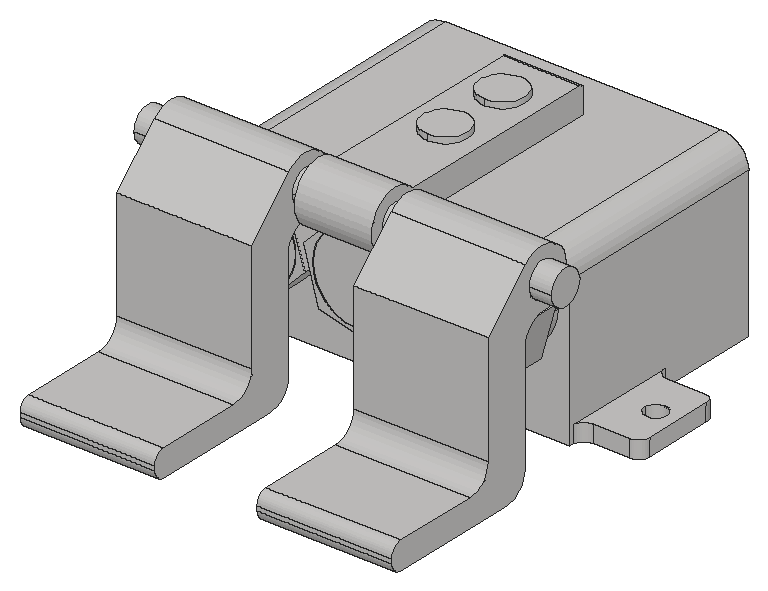
Revit family "QF_FISHER_3170", category Specialty Equipment, Revit 2015
Parameters
  Weight in Pounds = 3.5
  URL Cutsheet = ""
  Specification by User = ""
  Specification by Manufacturer = ""
  Serial Number = ""
  Seismic Rating = ""
  SMACNA No = ""
  Revision Code = ""
  Plumbing Remarks = ""
  Plumbing Connection Type = ""
  NAFEM Spec ID Number = ""
  Model = "3170"
  Masterspec = ""
  Manufacturer = "FISHER"
  Length = 5"
  Item Number = ""
  Installed By = ""
  Identify Quantity as Lot = yes
  Hot Water Temperature = 140 °F
  Hot Water Size = 1/2"
  Hot Water RI Height = 0"
  Hot Water Minimum Pressure = 80.00 psi
  Hot Water Maximum Pressure = 200.00 psi
  Hot Water Flow = 0 GPM
  Hot Water Consumption = 0 GPM
  Hot Water Connection Height = 0"
  Height = 2 3/8"
  Furnished By = ""
  Foodservice Equipment Identifier = yes
  Fixture Finish = QF_Metal - Stainless - Polished
  Description = "DUAL FLOOR FOOT VALVE"
  Depth = 5 1/4"
  Cold Water Temperature Recommended = 40 °F
  Cold Water Size = 1/2"
  Cold Water RI Height = 0"
  Cold Water Minimum Pressure = 80.00 psi
  Cold Water Maximum Pressure = 200.00 psi
  Cold Water Flow = 0 GPM
  Cold Water Consumption = ""
  Cold Water Connection Height = 0"
  CSI MasterFormat = ""
Reference planes (in)
  plane 1 "BACK": y = 0
  plane 2: z = 0
  plane 3 "LEFT": x = 0
  plane 4 "RIGHT": x = 5
  plane 5 "FRONT": y = -5.25
  plane 6 "TOP": z = 2.375
  plane 7 "Center Y": x = 2.5
  plane 8 "Center X": y = -2.625
  plane 9: z = 2.13407
Forms (in)
  Extrusion 1, solid, material "QF_Metal - Stainless - Polished" <- "Fixture Finish"
    sketch origin (0, 0, 0) x (1, 0, 0) y (0, 0, 1)
      loop
        line (0.66434, 1.64839) -> (0.66434, 0) -> (4.33566, 0) -> (4.33566, 1.64839)
        arc (4.33566, 1.64839) -> (4.24528, 1.8666) -> (4.02707, 1.95698) r 0.30859
        line (4.02707, 1.95698) -> (0.97293, 1.95698)
        arc (0.97293, 1.95698) -> (0.75472, 1.8666) -> (0.66434, 1.64839) r 0.30859
      loop
        circle (1.30496, 1.30623) r 0.5
      loop
        circle (2.5, 1.30623) r 0.5
      loop
        circle (3.69504, 1.30623) r 0.5
    from 0 to 2.47818
  Extrusion 2, solid, material "QF_Metal - Stainless - Polished" <- "Fixture Finish"
    sketch origin (0, 0, 0) x (1, 0, 0) y (0, 1, 0)
      loop
        arc (0.53934, -2.32075) -> (0.62773, -2.35736) -> (0.66434, -2.44575) r 0.125
        line (0.66434, -2.44575) -> (0.66434, -1.16575)
        arc (0.66434, -1.16575) -> (0.62773, -1.25414) -> (0.53934, -1.29075) r 0.125
        line (0.53934, -1.29075) -> (0.125, -1.29075)
        arc (0.125, -1.29075) -> (0.03661, -1.32736) -> (0, -1.41575) r 0.125
        line (0, -1.41575) -> (0, -2.19575)
        arc (0, -2.19575) -> (0.03661, -2.28414) -> (0.125, -2.32075) r 0.125
        line (0.125, -2.32075) -> (0.53934, -2.32075)
      loop
        line (4.46066, -2.32075) -> (4.875, -2.32075)
        arc (4.875, -2.32075) -> (4.96339, -2.28414) -> (5, -2.19575) r 0.125
        line (5, -2.19575) -> (5, -1.41575)
        arc (5, -1.41575) -> (4.96339, -1.32736) -> (4.875, -1.29075) r 0.125
        line (4.875, -1.29075) -> (4.46066, -1.29075)
        arc (4.46066, -1.29075) -> (4.37227, -1.25414) -> (4.33566, -1.16575) r 0.125
        line (4.33566, -1.16575) -> (4.33566, -2.44575)
        arc (4.33566, -2.44575) -> (4.37227, -2.35736) -> (4.46066, -2.32075) r 0.125
      loop
        circle (4.75, -1.80575) r 0.125
      loop
        circle (0.25, -1.80575) r 0.125
    from 0 to 0.18951
  Extrusion 3, solid, material "QF_Metal - Stainless - Polished" <- "Fixture Finish"
    sketch origin (5, 0, 0.35938) x (0, 1, 0) y (0, 0, -1)
      loop
        arc (-3.40438, 0.10938) -> (-3.47761, 0.28615) -> (-3.65438, 0.35938) r 0.25
        line (-3.65438, 0.35938) -> (-3.87438, 0.35938) -> (-5.125, 0.35938)
        arc (-5.125, 0.35938) -> (-5.21339, 0.32276) -> (-5.25, 0.23438) r 0.125
        line (-5.25, 0.23438) -> (-5.25, 0.18438)
        arc (-5.25, 0.18438) -> (-5.21339, 0.09599) -> (-5.125, 0.05938) r 0.125
        line (-5.125, 0.05938) -> (-4.15438, 0.05938)
        arc (-4.15438, 0.05938) -> (-3.97761, -0.01385) -> (-3.90438, -0.19062) r 0.25
        line (-3.90438, -0.19062) -> (-3.90438, -1.42) -> (-3.38217, -1.92367)
        arc (-3.38217, -1.92367) -> (-2.85011, -1.81032) -> (-3.15438, -1.35937) r 0.32813
        arc (-3.15438, -1.35937) -> (-3.33116, -1.28615) -> (-3.40438, -1.10937) r 0.25
        line (-3.40438, -1.10937) -> (-3.40438, 0.10938)
      loop
        circle (-3.15438, -1.6875) r 0.19125
    from 0.43162 to 1.93162
  Extrusion 4, solid, material "QF_Metal - Stainless - Polished" <- "Fixture Finish"
    sketch origin (5, 0, 0.35938) x (0, 1, 0) y (0, 0, -1)
      loop
        circle (-3.15438, -1.6875) r 0.19125
    from 0.175 to 4.825
  Extrusion 5, solid, material "QF_Metal - Stainless - Polished" <- "Fixture Finish"
    sketch origin (0, 0, 0.35938) x (0, 1, 0) y (0, 0, 1)
      loop
        line (-0.54693, 1.59761) -> (-0.54693, 1.87152)
        arc (-0.54693, 1.87152) -> (-0.55628, 1.8941) -> (-0.57886, 1.90345) r 0.03193
        line (-0.57886, 1.90345) -> (-2.90734, 1.90345)
        arc (-2.90734, 1.90345) -> (-3.47457, 1.61576) -> (-2.83881, 1.59761) r 0.32813
        line (-2.83881, 1.59761) -> (-0.54693, 1.59761)
      loop
        circle (-3.15438, 1.6875) r 0.19125
    from 2.07212 to 2.92788
  Extrusion 6, solid, material "QF_Metal - Stainless - Polished" <- "Fixture Finish"
    sketch origin (0, 0.10745, 2.26282) x (0, -1, 0) y (1, 0, 0)
      loop
        circle (2.0247, 2.5) r 0.25
      loop
        circle (1.23095, 2.5) r 0.25
    from 0 to 0.0625
  Extrusion 7, solid, material "QF_Metal - Stainless - Polished" <- "Fixture Finish"
    sketch origin (0, 0, 0.35938) x (0, 1, 0) y (0, 0, 1)
      loop
        line (-3.40438, -0.10938) -> (-3.40438, 1.10937)
        arc (-3.40438, 1.10937) -> (-3.33116, 1.28615) -> (-3.15438, 1.35937) r 0.25
        arc (-3.15438, 1.35937) -> (-2.85011, 1.81032) -> (-3.38217, 1.92367) r 0.32813
        line (-3.38217, 1.92367) -> (-3.90438, 1.42) -> (-3.90438, 0.19062)
        arc (-3.90438, 0.19062) -> (-3.97761, 0.01385) -> (-4.15438, -0.05938) r 0.25
        line (-4.15438, -0.05938) -> (-5.125, -0.05938)
        arc (-5.125, -0.05938) -> (-5.21339, -0.09599) -> (-5.25, -0.18438) r 0.125
        line (-5.25, -0.18438) -> (-5.25, -0.23438)
        arc (-5.25, -0.23438) -> (-5.21339, -0.32276) -> (-5.125, -0.35938) r 0.125
        line (-5.125, -0.35938) -> (-3.87438, -0.35938) -> (-3.65438, -0.35938)
        arc (-3.65438, -0.35938) -> (-3.47761, -0.28615) -> (-3.40438, -0.10938) r 0.25
      loop
        circle (-3.15438, 1.6875) r 0.19125
    from 0.43162 to 1.93162
  Extrusion 8, solid, material "QF_Metal - Stainless - Polished" <- "Fixture Finish"
    sketch origin (0, -2.47818, 0) x (1, 0, 0) y (0, 0, 1)
      loop
        circle (3.69504, 1.30623) r 0.5
      loop
        line (3.86579, 1.90174) -> (3.26469, 1.75186) -> (3.09394, 1.15636) -> (3.52428, 0.71073) -> (4.12538, 0.8606) -> (4.29614, 1.4561) -> (3.86579, 1.90174)
    from 0.14682 to 0.66161
  Extrusion 9, solid, material "QF_Metal - Stainless - Polished" <- "Fixture Finish"
    sketch origin (0, -2.47818, 0) x (1, 0, 0) y (0, 0, 1)
      loop
        circle (3.69504, 1.30623) r 0.5
    from 0 to 0.66161
  Extrusion 10, solid, material "QF_Metal - Stainless - Polished" <- "Fixture Finish"
    sketch origin (5, -2.47818, 0) x (-1, 0, 0) y (0, 0, -1)
      loop
        circle (3.69504, -1.30623) r 0.5
      loop
        line (3.86579, -1.90174) -> (4.29614, -1.4561) -> (4.12538, -0.8606) -> (3.52428, -0.71073) -> (3.09394, -1.15636) -> (3.26469, -1.75186) -> (3.86579, -1.90174)
    from 0.14682 to 0.66161
  Extrusion 11, solid, material "QF_Metal - Stainless - Polished" <- "Fixture Finish"
    sketch origin (5, -2.47818, 0) x (-1, 0, 0) y (0, 0, -1)
      loop
        circle (3.69504, -1.30623) r 0.5
    from 0 to 0.66161
  Extrusion 12, solid, material "QF_Metal - Stainless - Polished" <- "Fixture Finish"
    sketch origin (6.19504, -2.47818, 0) x (-1, 0, 0) y (0, 0, -1)
      loop
        circle (3.69504, -1.30623) r 0.5
      loop
        line (3.86579, -1.90174) -> (4.29614, -1.4561) -> (4.12538, -0.8606) -> (3.52428, -0.71073) -> (3.09394, -1.15636) -> (3.26469, -1.75186) -> (3.86579, -1.90174)
    from 0.14682 to 0.66161
  Extrusion 13, solid, material "QF_Metal - Stainless - Polished" <- "Fixture Finish"
    sketch origin (6.19504, -2.47818, 0) x (-1, 0, 0) y (0, 0, -1)
      loop
        circle (3.69504, -1.30623) r 0.5
    from 0 to 0.66161
Cuts and joins
  joined: Extrusion 1, Extrusion 2
Lines and regions (in)
  symbolic lines
    curve 1: line (0.43162, -2.82626, 0) -> (1.93162, -2.82626, 0)
    curve 2: line (0.43162, -5.25, 0) -> (0.43162, -2.82626, 0)
    curve 3: line (1.93162, -5.25, 0) -> (0.43162, -5.25, 0)
    curve 4: line (1.93162, -2.82626, 0) -> (1.93162, -5.25, 0)
    curve 5: line (3.06838, -2.82626, 0) -> (4.56838, -2.82626, 0)
    curve 6: line (3.06838, -5.25, 0) -> (3.06838, -2.82626, 0)
    curve 7: line (4.56838, -5.25, 0) -> (3.06838, -5.25, 0)
    curve 8: line (4.56838, -2.82626, 0) -> (4.56838, -5.25, 0)
    curve 9: line (2.92788, -0.54693, 0) -> (2.07212, -0.54693, 0)
    curve 10: line (2.92788, -3.48251, 0) -> (2.92788, -0.54693, 0)
    curve 11: line (2.07212, -3.48251, 0) -> (2.92788, -3.48251, 0)
    curve 12: line (2.07212, -0.54693, 0) -> (2.07212, -3.48251, 0)
    curve 13: line (2.92788, -2.47818, 0) -> (4.33566, -2.47818, 0)
    curve 14: line (4.33566, -2.47818, 0) -> (4.33566, 0, 0)
    curve 15: line (4.33566, 0, 0) -> (0.66434, 0, 0)
    curve 16: line (0.66434, 0, 0) -> (0.66434, -2.47818, 0)
    curve 17: line (0.66434, -2.47818, 0) -> (2.07212, -2.47818, 0)
    curve 18: circle (4.75, -1.80575, 0) r 0.125 normal (0, 0, 1)
    curve 19: circle (0.25, -1.80575, 0) r 0.125 normal (0, 0, 1)
    curve 20: circle (2.5, -1.91725, 0) r 0.25 normal (0, 0, 1)
    curve 21: circle (2.5, -1.1235, 0) r 0.25 normal (0, 0, 1)
    curve 22: line (0.175, -2.96313, 0) -> (0.43162, -2.96313, 0)
    curve 23: line (0.175, -2.96313, 0) -> (0.175, -3.34563, 0)
    curve 24: line (0.175, -3.34563, 0) -> (0.43162, -3.34563, 0)
    curve 25: line (4.825, -2.96313, 0) -> (4.56838, -2.96313, 0)
    curve 26: line (4.825, -2.96313, 0) -> (4.825, -3.34563, 0)
    curve 27: line (4.825, -3.34563, 0) -> (4.56838, -3.34563, 0)
    curve 28: line (2.92788, -3.34563, 0) -> (3.06838, -3.34563, 0)
    curve 29: line (3.06838, -2.96313, 0) -> (2.92788, -2.96313, 0)
    curve 30: line (1.93162, -2.96313, 0) -> (2.07212, -2.96313, 0)
    curve 31: line (1.93162, -3.34563, 0) -> (2.07212, -3.34563, 0)
    curve 32: line (2.07212, -2.90734, 0) -> (2.92788, -2.90734, 0)
    curve 33: line (4.875, -1.29075, 0) -> (4.46066, -1.29075, 0)
    curve 34: arc (4.46066, -1.29075, 0) -> (4.37227, -1.25414, 0) -> (4.33566, -1.16575, 0) r 0.125
    curve 35: arc (4.33566, -2.44575, 0) -> (4.37227, -2.35736, 0) -> (4.46066, -2.32075, 0) r 0.125
    curve 36: line (4.46066, -2.32075, 0) -> (4.875, -2.32075, 0)
    curve 37: arc (4.875, -2.32075, 0) -> (4.96339, -2.28414, 0) -> (5, -2.19575, 0) r 0.125
    curve 38: line (5, -2.19575, 0) -> (5, -1.41575, 0)
    curve 39: arc (5, -1.41575, 0) -> (4.96339, -1.32736, 0) -> (4.875, -1.29075, 0) r 0.125
    curve 40: line (0.125, -1.29075, 0) -> (0.53934, -1.29075, 0)
    curve 41: arc (0.53934, -1.29075, 0) -> (0.62773, -1.25414, 0) -> (0.66434, -1.16575, 0) r 0.125
    curve 42: arc (0.66434, -2.44575, 0) -> (0.62773, -2.35736, 0) -> (0.53934, -2.32075, 0) r 0.125
    curve 43: line (0.53934, -2.32075, 0) -> (0.125, -2.32075, 0)
    curve 44: arc (0.125, -2.32075, 0) -> (0.03661, -2.28414, 0) -> (0, -2.19575, 0) r 0.125
    curve 45: line (0, -2.19575, 0) -> (0, -1.41575, 0)
    curve 46: arc (0, -1.41575, 0) -> (0.03661, -1.32736, 0) -> (0.125, -1.29075, 0) r 0.125
    curve 47: line (0.43162, -3.90438, 0) -> (1.93162, -3.90438, 0)
    curve 48: line (3.06838, -3.90438, 0) -> (4.56838, -3.90438, 0)
Dimensions and locks (in)
  equal spacing: plane 3 "LEFT", plane 7 "Center Y", plane 4 "RIGHT"
  "Length": plane 3 "LEFT" to plane 4 "RIGHT"
  equal spacing: plane 5 "FRONT", plane 8 "Center X", plane 1 "BACK"
  "Depth": plane 5 "FRONT" to plane 1 "BACK"
  "Height": plane 6 "TOP" to level
  aligned and locked: plane 2 to level
Automatic sketch dimensions
  curve 45 to plane 3 "LEFT" = 0"
  plane 5 "FRONT" to curve 2 = 0"
  plane 1 "BACK" to curve 15 = 0"
  curve 21 to plane 7 "Center Y" = 0"
  curve 20 to plane 7 "Center Y" = 0"
  plane 5 "FRONT" to curve 7 = 0"
  curve 38 to plane 4 "RIGHT" = 0"
  plane 3 "LEFT" to curve 43 = 1/8"
  plane 3 "LEFT" to curve 40 = 1/8"
  plane 3 "LEFT" to curve 24 = 0.175"
  plane 3 "LEFT" to curve 19 = 1/4"
  plane 3 "LEFT" to curve 2 = 0.43162"
  curve 40 to curve 40 = 0.41434"
  curve 43 to curve 43 = 0.41434"
  plane 3 "LEFT" to curve 15 = 0.66434"
  curve 4 to plane 8 "Center X" = 0.20126"
  curve 4 to plane 7 "Center Y" = 0.56838"
  curve 31 to curve 12 = 0.14051"
  plane 7 "Center Y" to curve 11 = 0.42788"
  plane 7 "Center Y" to curve 7 = 0.56838"
  plane 4 "RIGHT" to curve 14 = 0.66434"
  curve 35 to curve 36 = 1/8"
  curve 34 to curve 33 = 1/8"
  curve 35 to curve 5 = 0.10772"
  plane 4 "RIGHT" to curve 18 = 1/4"
  plane 4 "RIGHT" to curve 26 = 0.175"
  curve 39 to curve 39 = 1/8"
  plane 4 "RIGHT" to curve 36 = 1/8"
  curve 10 to plane 8 "Center X" = 0.85751"
  curve 27 to plane 8 "Center X" = 0.72063"
  curve 24 to curve 1 = 0.51938"
  curve 26 to plane 8 "Center X" = 0.33813"
  curve 23 to curve 1 = 0.13688"
  curve 25 to curve 5 = 0.13688"
  plane 8 "Center X" to curve 17 = 0.14682"
  plane 8 "Center X" to curve 14 = 0.14682"
  curve 13 to curve 35 = 0.03243"
  curve 16 to curve 42 = 0.03243"
  curve 13 to curve 20 = 0.56093"
  curve 37 to curve 18 = 0.39"
  curve 44 to curve 19 = 0.39"
  curve 18 to curve 38 = 0.39"
  curve 19 to curve 45 = 0.39"
  curve 20 to curve 21 = 0.79375"
  plane 1 "BACK" to curve 9 = 0.54693"
  curve 48 to curve 10 = 27/64"
  curve 47 to curve 11 = 27/64"
  curve 11 to curve 31 = 0.13687"
  curve 10 to curve 28 = 0.13687"
  curve 30 to curve 1 = 0.13688"
  curve 29 to curve 5 = 0.13688"
  curve 29 to curve 32 = 0.0558"
  Extrusion 1 sketch curve to level = 0"
  Extrusion 1 sketch curve to plane 7 "Center Y" = 0"
  Extrusion 1 sketch curve to Extrusion 1 sketch curve = 1.19504"
  Extrusion 1 sketch curve to plane 9 = 0.17709"
  Extrusion 1 sketch curve to Extrusion 1 sketch curve = 85/256"  (x2)
  Extrusion 1 sketch curve to Extrusion 1 sketch curve = 79/256"
  plane 7 "Center Y" to Extrusion 1 sketch curve = 1.19504"
  plane 4 "RIGHT" to Extrusion 1 sketch curve = 0.66434"
  Extrusion 1 sketch curve to plane 9 = 0.82784"
  Extrusion 1 sketch curve to Extrusion 1 sketch curve = 0.34216"  (x2)
  Extrusion 2 sketch curve to plane 3 "LEFT" = 0"
  Extrusion 2 sketch curve to plane 4 "RIGHT" = 0"
  plane 3 "LEFT" to Extrusion 2 sketch curve = 1/8"  (x2)
  plane 3 "LEFT" to Extrusion 2 sketch curve = 1/4"
  Extrusion 2 sketch curve to Extrusion 2 sketch curve = 0.41434"  (x2)
  plane 4 "RIGHT" to Extrusion 2 sketch curve = 0.53934"  (x2)
  plane 8 "Center X" to Extrusion 2 sketch curve = 0.17925"  (x2)
  plane 4 "RIGHT" to Extrusion 2 sketch curve = 1/4"
  Extrusion 2 sketch curve to Extrusion 2 sketch curve = 1/8"  (x4)
  plane 8 "Center X" to Extrusion 2 sketch curve = 0.30425"  (x2)
  Extrusion 2 sketch curve to Extrusion 2 sketch curve = 0.39"  (x4)
  Extrusion 2 sketch curve to Extrusion 2 sketch curve = 0"  (x6)
  Extrusion 3 sketch curve to Extrusion 3 sketch curve = 0"  (x3)
  Extrusion 3 sketch curve to plane 5 "FRONT" = 0"
  Extrusion 3 sketch curve to level = 0"
  level to Extrusion 3 sketch curve = 1/8"
  level to Extrusion 3 sketch curve = 0.3"
  Extrusion 3 sketch curve to Extrusion 3 sketch curve = 0.97062"
  Extrusion 3 sketch curve to Extrusion 3 sketch curve = 1/4"  (x3)
  Extrusion 3 sketch curve to Extrusion 3 sketch curve = 0.28"
  Extrusion 3 sketch curve to Extrusion 3 sketch curve = 0.22"
  Extrusion 3 sketch curve to Extrusion 3 sketch curve = 1/2"
  Extrusion 3 sketch curve to plane 6 "TOP" = 0.09195"
  Extrusion 3 sketch curve to Extrusion 3 sketch curve = 0.52221"
  Extrusion 3 sketch curve to plane 9 = 0.0872"
  Extrusion 3 sketch curve to plane 9 = 0.3547"
  Extrusion 4 sketch curve to plane 9 = 0.0872"
  Extrusion 4 sketch curve to plane 8 "Center X" = 0.52938"
  Extrusion 5 sketch curve to Extrusion 5 sketch curve = 0"  (x2)
  Extrusion 5 sketch curve to plane 9 = 0.0872"
  Extrusion 5 sketch curve to plane 8 "Center X" = 0.52938"
  Extrusion 5 sketch curve to plane 6 "TOP" = 0.11218"
  Extrusion 5 sketch curve to plane 8 "Center X" = 0.28234"
  Extrusion 5 sketch curve to plane 9 = 0.17709"
  plane 1 "BACK" to Extrusion 5 sketch curve = 0.57886"
  Extrusion 5 sketch curve to Extrusion 5 sketch curve = 0.03193"
  Extrusion 5 to Extrusion 6 sketch curve = 0.54464"
  Extrusion 6 sketch curve to Extrusion 6 sketch curve = 0.79375"
  Extrusion 5 to Extrusion 6 sketch curve = 0.42788"  (x2)
  Extrusion 7 sketch curve to Extrusion 7 sketch curve = 0"  (x3)
  Extrusion 7 sketch curve to plane 5 "FRONT" = 0"
  Extrusion 7 sketch curve to level = 0"
  level to Extrusion 7 sketch curve = 1/8"
  level to Extrusion 7 sketch curve = 0.3"
  Extrusion 7 sketch curve to Extrusion 7 sketch curve = 0.97062"
  Extrusion 7 sketch curve to Extrusion 7 sketch curve = 1/4"  (x2)
  Extrusion 7 sketch curve to Extrusion 7 sketch curve = 0.28"
  Extrusion 7 sketch curve to Extrusion 7 sketch curve = 0.22"
  Extrusion 7 sketch curve to Extrusion 7 sketch curve = 1/2"
  Extrusion 7 sketch curve to plane 6 "TOP" = 0.09195"
  Extrusion 7 sketch curve to Extrusion 7 sketch curve = 0.52221"
  Extrusion 7 sketch curve to plane 9 = 0.66532"
  Extrusion 7 sketch curve to plane 9 = 0.3547"
  Extrusion 7 sketch curve to plane 9 = 0.0872"
  Extrusion 8 sketch curve to Extrusion 8 sketch curve = 0.17076"
  Extrusion 8 sketch curve to Extrusion 1 = 0.20512"
  Extrusion 8 sketch curve to Extrusion 8 sketch curve = 0.43034"  (x2)
  Extrusion 8 sketch curve to Extrusion 1 = 0.05525"
  Extrusion 8 sketch curve to Extrusion 1 = 0.46987"
  Extrusion 8 sketch curve to Extrusion 1 = 0.21028"
  Extrusion 8 sketch curve to Extrusion 1 = 0.03952"
  Extrusion 8 sketch curve to Extrusion 8 sketch curve = 0.5955"
  Extrusion 8 sketch curve to Extrusion 8 sketch curve = 0.44563"  (x2)
  Extrusion 8 sketch curve to Extrusion 1 = 0.50088"
  Extrusion 10 sketch curve to Extrusion 10 sketch curve = 0.17076"  (x2)
  Extrusion 10 sketch curve to Extrusion 1 = 0.20512"
  Extrusion 10 sketch curve to Extrusion 10 sketch curve = 0.43034"
  Extrusion 10 sketch curve to Extrusion 1 = 0.05525"
  Extrusion 10 sketch curve to Extrusion 1 = 0.46987"
  Extrusion 10 sketch curve to Extrusion 1 = 0.21028"
  Extrusion 10 sketch curve to Extrusion 1 = 0.03952"
  Extrusion 10 sketch curve to Extrusion 1 = 0.50088"
  Extrusion 10 sketch curve to Extrusion 10 sketch curve = 0.5955"  (x2)
  Extrusion 10 sketch curve to Extrusion 10 sketch curve = 0.14987"
  Extrusion 12 sketch curve to Extrusion 1 = 0.71073"
  Extrusion 12 sketch curve to Extrusion 12 sketch curve = 0.17076"  (x3)
  Extrusion 12 sketch curve to Extrusion 1 = 0.20512"
  Extrusion 12 sketch curve to Extrusion 12 sketch curve = 0.43034"
  Extrusion 12 sketch curve to Extrusion 1 = 0.05525"
  Extrusion 12 sketch curve to Extrusion 12 sketch curve = 0.6011"  (x2)
  Extrusion 12 sketch curve to Extrusion 1 = 0.50088"
  Extrusion 12 sketch curve to Extrusion 12 sketch curve = 0.5955"
  Extrusion 12 sketch curve to Extrusion 12 sketch curve = 0.14987"
  radius of curve 18 = 1/8"
  radius of curve 19 = 1/8"
  radius of curve 20 = 1/4"
  radius of curve 21 = 1/4"
  radius of Extrusion 1 sketch curve = 1/2"  (x3)
  radius of Extrusion 2 sketch curve = 1/8"  (x2)
  radius of Extrusion 3 sketch curve = 0.19125"
  radius of Extrusion 4 sketch curve = 0.19125"
  radius of Extrusion 5 sketch curve = 0.19125"
  radius of Extrusion 6 sketch curve = 1/4"  (x2)
  radius of Extrusion 7 sketch curve = 0.19125"
  radius of Extrusion 8 sketch curve to Extrusion 1 = 0"
  radius of Extrusion 9 sketch curve to Extrusion 1 = 0"
  radius of Extrusion 10 sketch curve to Extrusion 1 = 0"
  radius of Extrusion 11 sketch curve to Extrusion 1 = 0"
  radius of Extrusion 12 sketch curve to Extrusion 1 = 0"
  radius of Extrusion 13 sketch curve to Extrusion 1 = 0"
Connectors (in)
  piping at (3.69504, 0, 1.30623), diameter 0.5, driven by "Cold Water Size", driven by "Cold Water Flow"
    settings: on cut or joined group of Extrusion 1, Extrusion 2, index 1, connector inside diameter 24", connector length 0", flow factor 0, pipe flow 0 GPM, pressure drop 0.00 psi, fitting loss kfactor 0, connector angle 0.00°, fixture units 0, engagement length 0", angle of deflection 0.00°, flow configuration 1, flow direction 1, fitting loss method 0, system type 20, joint type 0, gender type 0, connector reference index -1, connector utility 0, adjustable connector no, is connector primary yes, connector description "COLD WATER INLET"
  piping at (1.30496, 0, 1.30623), diameter 0.5, driven by "Hot Water Size", driven by "Hot Water Flow"
    settings: on cut or joined group of Extrusion 1, Extrusion 2, index 2, connector inside diameter 24", connector length 0", flow factor 0, pipe flow 0 GPM, pressure drop 0.00 psi, fitting loss kfactor 0, connector angle 0.00°, fixture units 0, engagement length 0", angle of deflection 0.00°, flow configuration 1, flow direction 1, fitting loss method 0, system type 19, joint type 0, gender type 0, connector reference index -1, connector utility 0, adjustable connector no, is connector primary no, connector description "HOT WATER INLET"
